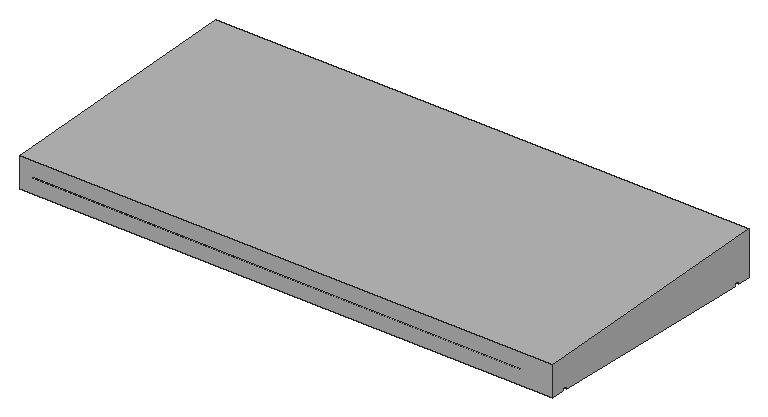
Revit family "WC425 Feather Edge", category Generic Models, Revit 2020
Family settings
  Can host rebar = No
  Round Connector Dimension = Use Diameter
  Part Type = Normal
  Work Plane-Based = No
  Always vertical = Yes
  Cut with Voids When Loaded = No
  Shared = No
  Room Calculation Point = No
Parameters
  Weight = "58Kg"
  Warranty Guarantor Parts = "n/a"
  Warranty Guarantor Labour = "n/a"
  Warranty Duration Unit = "n/a"
  Warranty Duration Parts = "n/a"
  Warranty Duration Labour = "n/a"
  Warranty Description = "n/a"
  Unit Width [instance] = 419 mm
  Unit Length [instance] = 914 mm
  Unit Height [instance] = 75 mm
  URL = "www.killeshal.com"
  Types = "Single"
  Type Comments = "Visit our website for a full list of available products."
  Sustainability Performance = "n/a"
  Structural Class = "n/a"
  Span = "Unit Length"
  Slope = "0.00°"
  Size = "419mm x 75 to 50mm"
  Shape = "As per drawing"
  Service Life = "0.000000"
  Serial Number = "n/a"
  Resistance to Fire = "n/a"
  Replacement Cost = "n/a"
  Reference = "n/a"
  Notified Body = "n/a"
  Nominal Cover to Main Bar = "n/a"
  Model = "W/C 425 Wall Cap."
  Mechanical Resistance = "n/a"
  Manufacturer = "Killeshal Precast Concrete Ltd."
  Load Bearing = no
  Life Cycle Environmental Load = "n/a"
  Length Options = "Stock size 914mm."
  Keynote = "The information contained is the sole property of KPC Ltd., any reproduction in part or whole without permission of KPC Ltd. is prohibited."
  Environmental Product Declaration = "n/a"
  Environmental Class = "n/a"
  Durability against Corrosion = "n/a"
  Dimension Accuracy Class = "n/a"
  Detailing = "As per design specification and product drawings."
  Description = "16.5\" Feather Edge Wall Cap"
  Default Elevation = 0 mm
  Dangerous Substances = "n/a"
  Contact Tel = "0035357 9353018"
  Contact Email = "sales@killeshal.com"
  Construction Type = "Precast"
  Construction Tolerance Class = "n/a"
  Compressive Strength of Concrete = "n/a"
  Characteristics of Reinforcing Steel = "n/a"
  Characteristics Deflection Under Load = "n/a"
Reference planes
  plane 1 "Center (Front/Back)": y = 0
  plane 2: z = 0
  plane 3 "Center (Left/Right)": x = 0
  plane 4 "Rear": y = 209.5
  plane 5 "Front": y = -209.5
  plane 6 "Top": z = 75
  plane 7 "Center L/T": z = 50
Forms (mm)
  Extrusion 1, solid, material "Precast Concrete (KPC)"
    sketch origin (0, 0, 0) x (0, 1, 0) y (0, 0, 1)
      loop
        line (-209.5, 50) -> (-209.5, 0) -> (-189.5, 0)
        arc (-189.5, 0) -> (-184.5, 5) -> (-179.5, 0) r 5
        line (-179.5, 0) -> (179.5, 0)
        arc (179.5, 0) -> (184.5, 5) -> (189.5, 0) r 5
        line (189.5, 0) -> (209.5, 0) -> (209.5, 75) -> (-209.5, 50)
    from 0 to 914
Dimensions and locks
  "Unit Length": Extrusion 1 to Extrusion 1
  "Unit Width": Extrusion 1 to Extrusion 1
  "Unit Height": Extrusion 1 to plane 6 "Top"
  Extrusion 1 to plane 7 "Center L/T" = 50 mm
  aligned and locked: level to plane 2
Automatic sketch dimensions
  Extrusion 1 sketch curve to plane 5 "Front" = 0 mm
  Extrusion 1 sketch curve to level = 0 mm
  Extrusion 1 sketch curve to plane 4 "Rear" = 0 mm
  Extrusion 1 sketch curve to plane 7 "Center L/T" = 0 mm
  Extrusion 1 sketch curve to plane 6 "Top" = 0 mm
  plane 5 "Front" to Extrusion 1 sketch curve = 20 mm
  Extrusion 1 sketch curve to Extrusion 1 sketch curve = 5 mm  (x2)
  Extrusion 1 sketch curve to Extrusion 1 sketch curve = 30 mm
